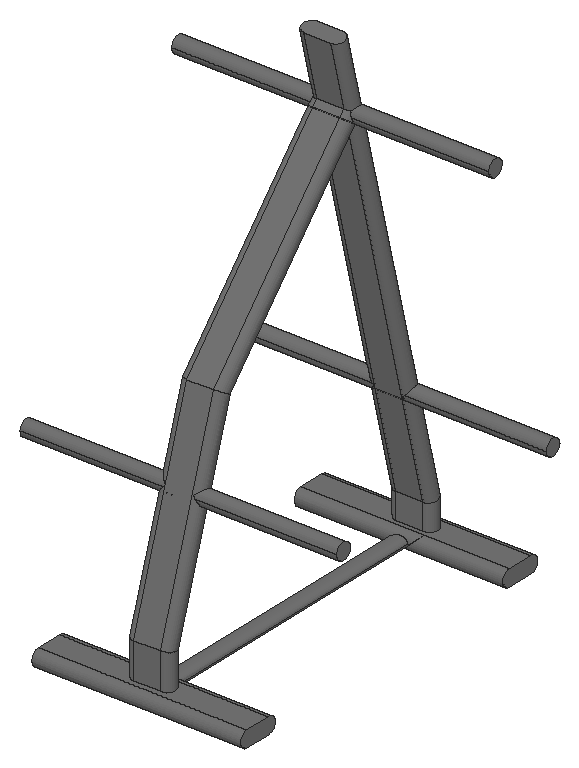
Revit family "Стойка для дисков олимпийского стандарта", category Оборудование, Revit 2017
Family settings
  Размер круглого соединителя = Использовать диаметр
  Тип детали = Нормальный
  На основе рабочей плоскости = Нет
  Всегда вертикально = Да
  При загрузке вырезать с полостями = Нет
  Общий = Нет
  Точка расчета площади = Нет
Parameters (values of type "590х690х940")
  Ширина = 590.0 mm
  Позиция = ""
  Обозначение = "SOWT"
  Наименование = "Стойка для дисков олимпийского стандарта, габариты (ВГШ): 940х690х590"
  Масса = "43"
  Код оборудования = ""
  Keynote = ""
  Изготовитель = "Severin"
  Завод = "Life Fitness"
  Единицы = "шт."
  Группа модели = "ТХ"  # constant formula
  Глубина = 690.0 mm
  Высота = 940.0 mm
  _Примечание = ""
Reference planes
  plane 1 "По центру (Вперед/Назад)": y = 0
  plane 2: z = 0
  plane 3 "По центру (Влево/Вправо)": x = 0
  plane 4: x = -295
  plane 5: x = 295
  plane 6: y = 345
  plane 7: y = -345
  plane 8: z = 940
  plane 9: z = 0
Forms (mm)
  Extrusion 1, solid, material "Сталь, окрашенная, темно-серая, матовая", detail levels coarse+fine
    sketch origin (0, 0, 0) x (0, 1, 0) y (0, 0, 1)
      loop
        line (-330, 0) -> (-280, 0)
        arc (-280, 0) -> (-265, 15) -> (-280, 30) r 15
        line (-280, 30) -> (-330, 30)
        arc (-330, 30) -> (-345, 15) -> (-330, 0) r 15
      loop
        arc (330, 0) -> (345, 15) -> (330, 30) r 15
        line (330, 30) -> (280, 30)
        arc (280, 30) -> (265, 15) -> (280, 0) r 15
        line (280, 0) -> (330, 0)
    from -194.154 to 194.154
  Extrusion 2, solid, material "Сталь, окрашенная, темно-серая, матовая", detail levels fine
    sketch origin (0, 0, 0) x (1, 0, 0) y (0, 0, 1)
      loop
        spline (16.286, 15) -> (15.731, 17.361) -> (14.104, 19.561) -> (11.516, 21.45) -> (8.143, 22.9) -> (4.215, 23.811) -> (0, 24.122) -> (-4.215, 23.811) -> (-8.143, 22.9) -> (-11.516, 21.45) -> (-14.104, 19.561) -> (-15.731, 17.361) -> (-16.286, 15)
        spline (-16.286, 15) -> (-15.731, 12.639) -> (-14.104, 10.439) -> (-11.516, 8.55) -> (-8.143, 7.1) -> (-4.215, 6.189) -> (0, 5.878) -> (4.215, 6.189) -> (8.143, 7.1) -> (11.516, 8.55) -> (14.104, 10.439) -> (15.731, 12.639) -> (16.286, 15)
    from -305 to 305
  Sweep 3, solid, material "Сталь, окрашенная, темно-серая, матовая", detail levels coarse+fine
    path origin (0, 0, 0) x (0, 1, 0) y (0, 0, 1)
      loop
        line (305, 15) -> (305, 80) -> (90.578, 940)
    profile origin (0, 305, 47.5) x (0, -1, 0) y (1, 0, 0)
      loop
        arc (15, 25) -> (0, 40) -> (-15, 25) r 15
        line (-15, 25) -> (-15, -25)
        arc (-15, -25) -> (0, -40) -> (15, -25) r 15
        line (15, -25) -> (15, 25)
  Sweep 4, solid, material "Сталь, окрашенная, темно-серая, матовая", detail levels coarse+fine
    path origin (0, 330.876, -52.406) x (0, 1, 0) y (0, 0, 1)
      loop
        line (-635.876, 82.406) -> (-635.876, 147.406) -> (-513.814, 523.073) -> (-209.359, 861.204)
    profile origin (0, -305, 62.5) x (0, -1, 0) y (1, 0, 0)
      loop
        arc (15, 25) -> (0, 40) -> (-15, 25) r 15
        line (-15, 25) -> (-15, -25)
        arc (-15, -25) -> (0, -40) -> (15, -25) r 15
        line (15, -25) -> (15, 25)
  Extrusion 5, solid, material "Сталь, окрашенная, темно-серая, матовая", detail levels coarse+fine
    sketch origin (0, 0, -5) x (0, 1, 0) y (0, 0, 1)
      loop
        circle (121.516, 808.798) r 15
    from -295 to 295
  Extrusion 6, solid, material "Сталь, окрашенная, темно-серая, матовая", detail levels coarse+fine
    sketch origin (0, 134.035, -530.061) x (0, 1, 0) y (0, 0, 1)
      loop
        circle (121.516, 808.798) r 15
    from -295 to 295
  Extrusion 7, solid, material "Сталь, окрашенная, темно-серая, матовая", detail levels coarse+fine
    sketch origin (0, -353.475, -489.23) x (0, 1, 0) y (0, 0, 1)
      loop
        circle (121.516, 808.798) r 15
    from -295 to 295
Lines and regions (mm)
  symbolic lines, detail levels medium
    curve 1: line (295, -345, 0) -> (-295, -345, 0)
    curve 2: line (295, 345, 0) -> (295, -345, 0)
    curve 3: line (-295, 345, 0) -> (295, 345, 0)
    curve 4: line (-295, -345, 0) -> (-295, 345, 0)
    curve 5: line (-13.163, -345, 0) -> (0, -241.201, 0)
    curve 6: line (13.163, -345, 0) -> (0, -241.201, 0)
Dimensions and locks
  equal spacing: plane 4, plane 3 "По центру (Влево/Вправо)", plane 5
  "Ширина": plane 4 to plane 5
  equal spacing: plane 6, plane 1 "По центру (Вперед/Назад)", plane 7
  "Глубина": plane 6 to plane 7
  "Высота": plane 8 to plane 2
  aligned and locked: level to plane 2
Automatic sketch dimensions
  curve 1 to plane 4 = 0.0 mm
  curve 5 to plane 7 = 0.0 mm
  curve 5 to plane 3 "По центру (Влево/Вправо)" = 0.0 mm
  curve 2 to plane 5 = 0.0 mm
  curve 2 to plane 6 = 0.0 mm
  plane 7 to curve 6 = 103.799 mm
  curve 5 to plane 3 "По центру (Влево/Вправо)" = 13.163 mm
  plane 3 "По центру (Влево/Вправо)" to curve 6 = 13.163 mm
  Extrusion 1 sketch curve to level = 0.0 mm  (x2)
  plane 7 to Extrusion 1 sketch curve = 15.0 mm
  level to Extrusion 1 sketch curve = 15.0 mm  (x2)
  Extrusion 1 sketch curve to Extrusion 1 sketch curve = 50.0 mm
  Extrusion 1 sketch curve to plane 6 = 65.0 mm
  Extrusion 1 sketch curve to plane 6 = 15.0 mm
  Extrusion 2 sketch curve to plane 3 "По центру (Влево/Вправо)" = 0.0 mm
  level to Extrusion 2 sketch curve = 15.0 mm
  plane 3 "По центру (Влево/Вправо)" to Extrusion 2 sketch curve = 16.286 mm
  Sweep 3 sketch curve to plane 8 = 0.0 mm
  Sweep 3 sketch curve to plane 6 = 40.0 mm
  level to Sweep 3 sketch curve = 80.0 mm
  Sweep 3 sketch curve to plane 1 "По центру (Вперед/Назад)" = 90.578 mm
  level to Sweep 3 sketch curve = 15.0 mm
  Sweep 3 sketch curve to profile plane = 0.0 mm
  profile plane to Sweep 3 sketch curve = 15.0 mm
  Sweep 3 sketch curve to plane 3 "По центру (Влево/Вправо)" = 25.0 mm
  plane 3 "По центру (Влево/Вправо)" to Sweep 3 sketch curve = 25.0 mm
  plane 7 to Sweep 4 sketch curve = 40.0 mm
  plane 7 to Sweep 4 sketch curve = 162.062 mm
  level to Sweep 4 sketch curve = 95.0 mm
  Sweep 4 sketch curve to Sweep 4 sketch curve = 375.667 mm
  Sweep 4 sketch curve to plane 1 "По центру (Вперед/Назад)" = 121.516 mm
  level to Sweep 4 sketch curve = 30.0 mm
  Sweep 4 sketch curve to plane 8 = 131.202 mm
  Sweep 4 sketch curve to profile plane = 0.0 mm
  profile plane to Sweep 4 sketch curve = 15.0 mm
  Sweep 4 sketch curve to plane 3 "По центру (Влево/Вправо)" = 25.0 mm
  plane 3 "По центру (Влево/Вправо)" to Sweep 4 sketch curve = 25.0 mm
  Extrusion 5 sketch curve to plane 1 "По центру (Вперед/Назад)" = 121.516 mm
  Extrusion 5 sketch curve to plane 8 = 136.202 mm
  Extrusion 6 sketch curve to plane 6 = 89.449 mm
  level to Extrusion 6 sketch curve = 278.737 mm
  plane 7 to Extrusion 7 sketch curve = 113.041 mm
  level to Extrusion 7 sketch curve = 319.568 mm
  radius of Extrusion 5 sketch curve = 15.0 mm
  radius of Extrusion 6 sketch curve = 15.0 mm
  radius of Extrusion 7 sketch curve = 15.0 mm
